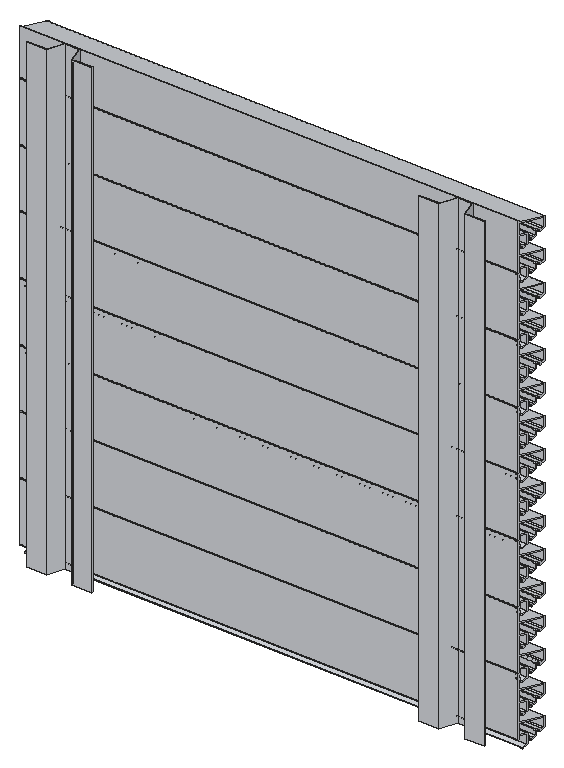
Revit family "NLRS_23_GM_WPB_HS50R gevelbekleding_jazo_jazo", category Generic Models, Revit 2020
Family settings
  Can host rebar = No
  Round Connector Dimension = Use Diameter
  Part Type = Normal
  OmniClass Number = 23.30.60.11.17.11
  OmniClass Title = Fixed Exterior Louvers and Grilles
  Work Plane-Based = Yes
  Always vertical = No
  Cut with Voids When Loaded = No
  Shared = No
  Room Calculation Point = No
Parameters (values of type "TYPECATALOG")
  Width [instance] = 1000.0 mm
  URL = "www.jazo.com"
  NLRS_C_zichtbaar_06 [instance] = if(NLRS_C_zichtbaar_01, if(and(JAZO_C_calculatie_01 < 143.2 mm, not(JAZO_C_calculatie_01 < 83.6 mm)), 1 < 2, 2 < 1), 2 < 1)  # no
  NLRS_C_zichtbaar_04 [instance] = if(NLRS_C_zichtbaar_01, if(NLRS_C_diepte < (NLRS_C_diepte_02 + 42.0 mm), 1 < 2, 1 > 2), 2 < 1)  # yes
  NLRS_C_zichtbaar_03 [instance] = if(NLRS_C_zichtbaar_01, if(not(NLRS_C_diepte < (NLRS_C_diepte_02 + 42.0 mm)), 1 < 2, 1 > 2), 2 < 1)  # no
  NLRS_C_zichtbaar_02 [instance] = if(NLRS_C_breedte > 6000.0 mm, 1 < 2, 2 < 1)  # no
  NLRS_C_zichtbaar_01 [instance] = if(not(NLRS_C_breedte > 6000.0 mm), 1 < 2, 2 < 1)  # yes
  NLRS_C_stelruimte = 5.0 mm  # constant formula
  NLRS_C_leverancier_url = "www.jazo.com"  # constant formula
  NLRS_C_leverancier_telefoonnummer = "+31 316 - 59 29 11"  # constant formula
  NLRS_C_leverancier_postcode = "6905 DJ"  # constant formula
  NLRS_C_leverancier_plaats = "Zevenaar"  # constant formula
  NLRS_C_leverancier_email = "info@jazo.com"  # constant formula
  NLRS_C_leverancier_bedrijfsnaam = "JAZO Zevenaar bv"  # constant formula
  NLRS_C_leverancier_adres = "Handelsdwarsstraat 10"  # constant formula
  NLRS_C_lengte_01 [instance] = NLRS_C_aantal_01 * 119.0 mm  # 833.0 mm
  NLRS_C_hoogte_min = 360.0 mm  # constant formula
  NLRS_C_hoogte_02 [instance] = NLRS_C_hoogte - 6.8 mm - 88.9 mm - 24.4 mm  # 879.9 mm
  NLRS_C_hoogte_01 [instance] = NLRS_C_hoogte + (NLRS_C_stelruimte * 2)  # 1010.0 mm
  NLRS_C_hoogte [instance] = if(Height < NLRS_C_hoogte_min, NLRS_C_hoogte_min, Height)  # 1000.0 mm
  NLRS_C_diepte_min = if(JAZO_C_opbouwrooster HS50R, 16.0 mm + 66.5 mm, 0.0 mm)  # 82.5 mm
  NLRS_C_diepte_max = if(JAZO_C_opbouwrooster HS50R, 300.0 mm + 66.5 mm, 0.0 mm)  # 366.5 mm
  NLRS_C_diepte_02 = if(JAZO_C_opbouwrooster HS50R, 66.5 mm, 0.0 mm)  # 66.5 mm
  NLRS_C_diepte_01 [instance] = if(NLRS_C_diepte < NLRS_C_diepte_min, NLRS_C_diepte_min, if(NLRS_C_diepte > NLRS_C_diepte_max, NLRS_C_diepte_max, NLRS_C_diepte))  # 100.0 mm
  NLRS_C_diepte [instance] = Diepte  # 100.0 mm
  NLRS_C_content_versie = "2.3"  # constant formula
  NLRS_C_content_revit versie = "REVIT 2020.2"  # constant formula
  NLRS_C_content_provider = "JAZO Zevenaar bv"  # constant formula
  NLRS_C_content_datum uitgifte = "17-8-2022"  # constant formula
  NLRS_C_content_datum gewijzigd = "9-11-2022"  # constant formula
  NLRS_C_content_creator = "JAZO Zevenaar bv"  # constant formula
  NLRS_C_breedte_min [instance] = 350.0 mm  # constant formula
  NLRS_C_breedte_03 [instance] = if(NLRS_C_breedte > 6001.0 mm, NLRS_C_breedte, 6001.0 mm)  # 6001.0 mm
  NLRS_C_breedte_02 [instance] = if(NLRS_C_breedte < 6000.0 mm, if(NLRS_C_breedte < NLRS_C_breedte_min, NLRS_C_breedte_min, NLRS_C_breedte), 6000.0 mm)  # 1000.0 mm
  NLRS_C_breedte_01 [instance] = NLRS_C_breedte + (NLRS_C_stelruimte * 2)  # 1010.0 mm
  NLRS_C_breedte [instance] = Width  # 1000.0 mm
  NLRS_C_aantal_03 [instance] = rounddown(NLRS_C_breedte_03 / 6000.0 mm) + 1  # 2
  NLRS_C_aantal_02 [instance] = roundup(NLRS_C_breedte / 1000.0 mm) + 1  # 2
  NLRS_C_aantal_01 [instance] = rounddown(NLRS_C_hoogte_02 / 119.0 mm)  # 7
  NLRS_C_aantal [instance] = rounddown(NLRS_C_breedte_03 / 6000.0 mm)  # 1
  Model = "HS50R gevelbekleding"  # constant formula
  Manufacturer = "JAZO Zevenaar bv"  # constant formula
  MIN HEIGHT [instance] = 360.0 mm  # constant formula
  MIN DIEPTE [instance] = NLRS_C_diepte_min  # 82.5 mm
  MIN WIDTH [instance] = NLRS_C_breedte_min  # 350.0 mm
  MAX DIEPTE [instance] = NLRS_C_diepte_max  # 366.5 mm
  JAZO_C_opbouwrooster HS50R = 1 < 2  # yes
  JAZO_C_materiaal schoep = none
  JAZO_C_materiaal bevestiging gevelbekleding = none
  JAZO_C_calculatie_02 [instance] = (NLRS_C_breedte_03 / (1 + NLRS_C_aantal)) - 1.0 mm  # 2999.5 mm
  JAZO_C_calculatie_01 [instance] = NLRS_C_hoogte - NLRS_C_lengte_01 - 88.9 mm - 6.8 mm  # 71.3 mm
  Height [instance] = 1000.0 mm
  Diepte [instance] = 100.0 mm
  Description = "HS50R gevelbekleding"  # constant formula
  Default Elevation = 0.0 mm
  Assembly Code = "23.30.60.11.17.11"
Reference planes
  plane 1 "Center (Front/Back)": y = 0
  plane 2 "stelruimte o": z = 0
  plane 3 "Center (Left/Right)": x = 0
  plane 4 "Left": x = -500
  plane 5 "Right": x = 500
  plane 6 "stelruimte l": x = -505
  plane 7 "stelruimte r": x = 505
  plane 8: y = 100
  plane 9 "stelruimte b": z = 1010
  plane 10 "Center (Elevation)": z = 505
  plane 11 "Top": z = 1005
  plane 12 "Bottom": z = 5
  plane 13 "start schoep": z = 998.2
  plane 14 "sectie 1": z = 909.3
  plane 15 "sectie 2": z = 76.3
  plane 16 "left 1": x = -500
  plane 17 "right 1": x = 500
  plane 18 "left 2": x = -3000.5
  plane 19 "right 2": x = 3000.5
Dimensions and locks
  equal spacing: plane 4 "Left", plane 3 "Center (Left/Right)", plane 5 "Right"
  "NLRS_C_breedte": plane 4 "Left" to plane 5 "Right"
  equal spacing: plane 6 "stelruimte l", plane 3 "Center (Left/Right)", plane 7 "stelruimte r"
  "NLRS_C_breedte_01": plane 6 "stelruimte l" to plane 7 "stelruimte r"
  "NLRS_C_diepte_01": plane 1 "Center (Front/Back)" to plane 8
  equal spacing: plane 9 "stelruimte b", plane 10 "Center (Elevation)", plane 2 "stelruimte o"
  "NLRS_C_hoogte": plane 11 "Top" to plane 12 "Bottom"
  equal spacing: plane 11 "Top", plane 10 "Center (Elevation)", plane 12 "Bottom"
  "NLRS_C_hoogte_01": plane 9 "stelruimte b" to plane 2 "stelruimte o"
  locked: plane 11 "Top" to plane 13 "start schoep" at 6.8
  locked: plane 13 "start schoep" to plane 14 "sectie 1" at 88.9
  group 1 to group 2 = 782.0 mm
  group 1 to group 2 = 0.0 mm  (x2)
  group 3 to group 4 = 782.0 mm
  group 3 to group 4 = 0.0 mm  (x2)
  "NLRS_C_breedte_02": plane 16 "left 1" to plane 17 "right 1"
  equal spacing: plane 16 "left 1", plane 3 "Center (Left/Right)", plane 17 "right 1"
  locked: plane 16 "left 1" to nested 1 at 109
  locked: plane 16 "left 1" to nested 3 at 109
  locked: nested 2 to plane 17 "right 1" at 109
  locked: nested 4 to plane 17 "right 1" at 109
  equal spacing: plane 18 "left 2", plane 3 "Center (Left/Right)", plane 19 "right 2"
  "NLRS_C_breedte_03": plane 18 "left 2" to plane 19 "right 2"
  "NLRS_C_lengte_01": plane 14 "sectie 1" to plane 15 "sectie 2"
  equal spacing: group 5, group 6, group 9, group 10, group 11, group 12, group 13  (x2)
  equal spacing: group 13, group 12, group 11, group 10, group 9, group 6, group 5
  locked: plane 14 "sectie 1" to nested 7 at 119
  group 7 to group 8 = 3001.5 mm
  group 7 to group 8 = 0.0 mm  (x2)
  aligned and locked: level to plane 2 "stelruimte o"
  aligned and locked: nested 1 to plane 1 "Center (Front/Back)"
  aligned and locked: plane 11 "Top" to nested 1
  aligned and locked: nested 2 to plane 1 "Center (Front/Back)"
  aligned and locked: plane 11 "Top" to nested 2
  aligned and locked: plane 1 "Center (Front/Back)" to nested 3
  aligned and locked: plane 1 "Center (Front/Back)" to nested 4
  aligned and locked: nested 3 to plane 11 "Top"
  aligned and locked: nested 4 to plane 11 "Top"
  aligned and locked: nested 5 to plane 8
  aligned and locked: plane 13 "start schoep" to nested 5
  aligned and locked: plane 3 "Center (Left/Right)" to nested 6
  aligned and locked: nested 6 to plane 8
  aligned and locked: plane 14 "sectie 1" to nested 6
  aligned and locked: nested 7 to plane 8
  aligned and locked: plane 3 "Center (Left/Right)" to nested 8
  aligned and locked: nested 8 to plane 8
  aligned and locked: plane 15 "sectie 2" to nested 8
  aligned and locked: plane 18 "left 2" to nested 9
  aligned and locked: nested 10 to plane 19 "right 2"
  aligned and locked: nested 9 to plane 1 "Center (Front/Back)"
  aligned and locked: plane 1 "Center (Front/Back)" to nested 10
  aligned and locked: nested 11 to plane 8
Nested families
  nested 1: "NLRS_31_GM_UN_bracket los-AV" at (-391, 101, 5) x (-1, 0, 0) z (0, 0, 1), NLRS_C_zichtbaar_01 <- "NLRS_C_zichtbaar_03", type "bracket los"
    with NLRS_C_zichtbaar_01 no, NLRS_C_hoogte 1000.0 mm, NLRS_C_diepte_01 101.0 mm, NLRS_C_diepte 100.0 mm, NLRS_C_aantal 2
  nested 2: "NLRS_31_GM_UN_bracket los-AV" at (391, 101, 5) x (-1, 0, 0) z (0, 0, 1), NLRS_C_zichtbaar_01 <- "NLRS_C_zichtbaar_03", type "bracket los"
    with NLRS_C_zichtbaar_01 no, NLRS_C_hoogte 1000.0 mm, NLRS_C_diepte_01 101.0 mm, NLRS_C_diepte 100.0 mm, NLRS_C_aantal 2
  nested 3: "NLRS_31_GM_UN_omega los-AV" at (-391, 100, 5), NLRS_C_zichtbaar_01 <- "NLRS_C_zichtbaar_04", type "omega los"
    with NLRS_C_zichtbaar_01 yes, NLRS_C_hoogte 1000.0 mm, NLRS_C_diepte_max 100.0 mm, NLRS_C_diepte_01 66.5 mm, NLRS_C_diepte 100.0 mm, JAZO_C_opbouwrooster HS50R yes, JAZO_C_opbouwrooster HS27R no
  nested 4: "NLRS_31_GM_UN_omega los-AV" at (391, 100, 5), NLRS_C_zichtbaar_01 <- "NLRS_C_zichtbaar_04", type "omega los"
    with NLRS_C_zichtbaar_01 yes, NLRS_C_hoogte 1000.0 mm, NLRS_C_diepte_max 100.0 mm, NLRS_C_diepte_01 66.5 mm, NLRS_C_diepte 100.0 mm, JAZO_C_opbouwrooster HS50R yes, JAZO_C_opbouwrooster HS27R no
  nested 5: "NLRS_31_GM_UN_HS50R skin start schoep-AV" at (0, 66.75, 885.143), type "HS50R skin start schoep"
    with NLRS_C_breedte 1000.0 mm
  nested 6: "NLRS_31_GM_UN_HS50R skin stack schoep-AV" at (0, 66.75, 766.122), type "HS50R skin stack schoep"
  nested 7: "NLRS_31_GM_UN_HS50R skin stack schoep-AV" at (0, 66.75, 647.122), type "HS50R skin stack schoep"
  nested 8: "NLRS_31_GM_UN_HS50R skin schoep enkel-AV" at (0, 66.75, -7.37), type "HS50R skin schoep"
    with NLRS_C_zichtbaar_01 no
  nested 9: "NLRS_23_GM_WPB_jazo skin HS50R los_jazo_jazo" at (-1500.75, 0, 0), NLRS_C_breedte <- "JAZO_C_calculatie_02", NLRS_C_hoogte <- "NLRS_C_hoogte", NLRS_C_diepte <- "NLRS_C_diepte", NLRS_C_zichtbaar_02 <- "NLRS_C_zichtbaar_02", type "HS50R jazo skin los"
    with NLRS_C_zichtbaar_06 no, NLRS_C_zichtbaar_04 yes, NLRS_C_zichtbaar_03 no, NLRS_C_zichtbaar_02 no, NLRS_C_zichtbaar_01 yes, NLRS_C_lengte_01 833.0 mm, NLRS_C_hoogte_02 880.1 mm, NLRS_C_hoogte_01 1010.0 mm, NLRS_C_hoogte 1000.0 mm, NLRS_C_diepte_01 100.0 mm, NLRS_C_diepte 100.0 mm, NLRS_C_breedte_01 3009.5 mm, NLRS_C_breedte 2999.5 mm, NLRS_C_aantal_02 4, NLRS_C_aantal_01 7, JAZO_C_calculatie_01 71.3 mm
  nested 10: "NLRS_23_GM_WPB_jazo skin HS50R los_jazo_jazo" at (1500.75, 0, 0), NLRS_C_breedte <- "JAZO_C_calculatie_02", NLRS_C_hoogte <- "NLRS_C_hoogte", NLRS_C_diepte <- "NLRS_C_diepte", NLRS_C_zichtbaar_02 <- "NLRS_C_zichtbaar_02", type "HS50R jazo skin los"
    with NLRS_C_zichtbaar_06 no, NLRS_C_zichtbaar_04 yes, NLRS_C_zichtbaar_03 no, NLRS_C_zichtbaar_02 no, NLRS_C_zichtbaar_01 yes, NLRS_C_lengte_01 833.0 mm, NLRS_C_hoogte_02 880.1 mm, NLRS_C_hoogte_01 1010.0 mm, NLRS_C_hoogte 1000.0 mm, NLRS_C_diepte_01 100.0 mm, NLRS_C_diepte 100.0 mm, NLRS_C_breedte_01 3009.5 mm, NLRS_C_breedte 2999.5 mm, NLRS_C_aantal_02 4, NLRS_C_aantal_01 7, JAZO_C_calculatie_01 71.3 mm
  nested 11: "NLRS_31_GA_UN_error message skin" at (0, 100, 0), type "error message"
    with NLRS_C_zichtbaar_10 no, NLRS_C_zichtbaar_03 no, NLRS_C_hoogte 1000.0 mm
  nested 12: "NLRS_31_GM_UN_HS50R skin stack schoep-AV" at (0, 66.75, 528.122), type "HS50R skin stack schoep"
  nested 13: "NLRS_31_GM_UN_HS50R skin stack schoep-AV" at (0, 66.75, 409.122), type "HS50R skin stack schoep"
  nested 14: "NLRS_31_GM_UN_HS50R skin stack schoep-AV" at (0, 66.75, 290.122), type "HS50R skin stack schoep"
  nested 15: "NLRS_31_GM_UN_HS50R skin stack schoep-AV" at (0, 66.75, 171.122), type "HS50R skin stack schoep"
  nested 16: "NLRS_31_GM_UN_HS50R skin stack schoep-AV" at (0, 66.75, 52.122), type "HS50R skin stack schoep"
Definition of nested family "NLRS_31_GM_UN_omega los-AV"
  Parameters (values of type "omega los")
    URL = "www.jazo.com"
    NLRS_C_zichtbaar_01 [instance] = yes
    NLRS_C_stelruimte_02 = 57.0 mm  # constant formula
    NLRS_C_stelruimte_01 = 6.8 mm  # constant formula
    NLRS_C_materiaal = none
    NLRS_C_hoogte = 757.1 mm
    NLRS_C_diepte_max = if(NLRS_C_diepte < (NLRS_C_diepte_01 + 16.0 mm), (NLRS_C_diepte_01 + 16.0 mm), if(NLRS_C_diepte > (NLRS_C_diepte_01 + 42.0 mm), (NLRS_C_diepte_01 + 42.0 mm), NLRS_C_diepte))  # 67.0 mm
    NLRS_C_diepte_01 = if(JAZO_C_opbouwrooster HS27R, 25.0 mm, if(JAZO_C_opbouwrooster HS42R, 45.0 mm, if(JAZO_C_opbouwrooster HS50R, 66.5 mm, 0.0 mm)))  # 25.0 mm
    NLRS_C_diepte = 80.0 mm
    NLRS_C_breedte = 130.0 mm  # constant formula
    Model = ""
    Manufacturer = "JAZO Zevenaar bv"
    JAZO_C_opbouwrooster HS50R = no
    JAZO_C_opbouwrooster HS42R = no
    JAZO_C_opbouwrooster HS27R = yes
    Description = "omega los"
    Default Elevation = 0.0 mm
    Assembly Code = "23.30.60.11.17.11"
  Reference planes
    plane 1 "Center (Front/Back)": y = 0
    plane 2 "Bottom": z = 0
    plane 3 "Center (Left/Right)": x = 0
    plane 4 "Top": z = 757.1
    plane 5 "wand": y = 67
    plane 6 "onderkant bracket": z = 57
    plane 7 "bovenkant bracket": z = 750.3
    plane 8 "bovenkant schoepen": y = 25
    plane 9 "Left": x = -65
    plane 10 "Right": x = 65
  Forms (mm)
    Extrusion 1, solid, material <- "NLRS_C_materiaal", visible <- "NLRS_C_zichtbaar_01"
      sketch origin (0, 0, 0) x (1, 0, 0) y (0, 1, 0)
        loop
          line (-25.119, 67) -> (-65, 67) -> (-65, 64.993) -> (-25.941, 64.993) -> (-14.948, 25) -> (14.948, 25) -> (25.941, 64.993) -> (65, 64.993) -> (65, 67) -> (25.119, 67) -> (14.167, 27.048) -> (-14.167, 27.048) -> (-25.119, 67)
      from 57 to 750.3
  Dimensions and locks
    "NLRS_C_diepte_max": plane 1 "Center (Front/Back)" to plane 5 "wand"
    "NLRS_C_hoogte": plane 4 "Top" to plane 2 "Bottom"
    "NLRS_C_stelruimte_02": plane 6 "onderkant bracket" to plane 2 "Bottom"
    "NLRS_C_stelruimte_01": plane 4 "Top" to plane 7 "bovenkant bracket"
    "NLRS_C_diepte_01": plane 1 "Center (Front/Back)" to plane 8 "bovenkant schoepen"
    equal spacing: plane 9 "Left", plane 3 "Center (Left/Right)", plane 10 "Right"
    "NLRS_C_breedte": plane 9 "Left" to plane 10 "Right"
    aligned and locked: level to plane 2 "Bottom"
    aligned and locked: Extrusion 1 to plane 5 "wand"  (x3)
    aligned and locked: Extrusion 1 to plane 8 "bovenkant schoepen"
    aligned and locked: plane 7 "bovenkant bracket" to Extrusion 1
    aligned and locked: Extrusion 1 to plane 6 "onderkant bracket"
    aligned and locked: plane 9 "Left" to Extrusion 1
    aligned and locked: plane 10 "Right" to Extrusion 1
  Automatic sketch dimensions
    Extrusion 1 sketch curve to plane 3 "Center (Left/Right)" = 65.0 mm
    Extrusion 1 sketch curve to plane 3 "Center (Left/Right)" = 25.119 mm
    Extrusion 1 sketch curve to Extrusion 1 sketch curve = 2.007 mm  (x2)
    Extrusion 1 sketch curve to Extrusion 1 sketch curve = 0.821 mm  (x2)
    plane 8 "bovenkant schoepen" to Extrusion 1 sketch curve = 2.048 mm
    Extrusion 1 sketch curve to plane 3 "Center (Left/Right)" = 14.167 mm
    Extrusion 1 sketch curve to plane 8 "bovenkant schoepen" = 0.0 mm
    Extrusion 1 sketch curve to Extrusion 1 sketch curve = 0.781 mm  (x2)
    plane 3 "Center (Left/Right)" to Extrusion 1 sketch curve = 14.167 mm
    plane 3 "Center (Left/Right)" to Extrusion 1 sketch curve = 25.941 mm
    Extrusion 1 sketch curve to Extrusion 1 sketch curve = 39.059 mm
    Extrusion 1 sketch curve to Extrusion 1 sketch curve = 37.945 mm
    plane 8 "bovenkant schoepen" to Extrusion 1 sketch curve = 39.993 mm
Definition of nested family "NLRS_31_GM_UN_HS50R skin start schoep-AV"
  Parameters (values of type "HS50R skin start schoep")
    URL = "www.jazo.com"
    NLRS_C_zichtbaar_01 = yes
    NLRS_C_stelruimte_01 = 4.0 mm  # constant formula
    NLRS_C_materiaal = none
    NLRS_C_breedte = 1500.0 mm
    Model = ""
    Manufacturer = "JAZO Zevenaar bv"
    Description = "HS50R skin start schoep"
    Default Elevation = 0.0 mm
    Assembly Code = "23.30.60.11.17.11"
  Reference planes
    plane 1 "Center (Front/Back)": y = 0
    plane 2 "Bottom": z = 0
    plane 3 "Center (Left/Right)": x = 0
    plane 4 "Left": x = -750
    plane 5 "Right": x = 750
    plane 6 "schoep l": x = -746
    plane 7 "schoep r": x = 746
    plane 8 "Top": z = 113.057
    plane 9 "achterkant schoep": y = -33.25
    plane 10 "scharnier f": y = 33.25
  Forms (mm)
    Extrusion 1, solid, material <- "NLRS_C_materiaal", visible <- "NLRS_C_zichtbaar_01"
      sketch origin (0, -101.5, 0) x (0, -1, 0) y (0, 0, -1)
        loop
          line (-68.25, -113.057) -> (-68.25, -20.67)
          arc (-68.25, -20.67) -> (-68.396, -20.316) -> (-68.75, -20.17) r 0.5
          line (-68.75, -20.17) -> (-70.85, -20.17) -> (-70.85, -21.77) -> (-70.05, -21.77) -> (-70.05, -26.138)
          arc (-70.05, -26.138) -> (-70.246, -26.535) -> (-70.679, -26.621) r 0.5
          line (-70.679, -26.621) -> (-90.25, -21.377) -> (-90.25, -3.987) -> (-80.873, -1.474)
          arc (-80.873, -1.474) -> (-80.343, -0.556) -> (-81.261, -0.026) r 0.75
          line (-81.261, -0.026) -> (-91.009, -2.637)
          arc (-91.009, -2.637) -> (-91.543, -2.995) -> (-91.75, -3.603) r 1
          line (-91.75, -3.603) -> (-91.75, -12.234)
          arc (-91.75, -12.234) -> (-91.946, -12.63) -> (-92.379, -12.717) r 0.5
          line (-92.379, -12.717) -> (-101.65, -10.233) -> (-101.65, -7.107) -> (-101.897, -6.289)
          arc (-101.897, -6.289) -> (-102.378, -5.887) -> (-103.004, -5.852) r 1
          line (-103.004, -5.852) -> (-112.509, -8.398)
          arc (-112.509, -8.398) -> (-113.043, -8.756) -> (-113.25, -9.364) r 1
          line (-113.25, -9.364) -> (-113.25, -17.996)
          arc (-113.25, -17.996) -> (-113.446, -18.392) -> (-113.879, -18.478) r 0.5
          line (-113.879, -18.478) -> (-123.15, -15.994) -> (-123.15, -12.868) -> (-123.397, -12.05)
          arc (-123.397, -12.05) -> (-123.878, -11.648) -> (-124.504, -11.612) r 1
          line (-124.504, -11.612) -> (-134.009, -14.159)
          arc (-134.009, -14.159) -> (-134.543, -14.516) -> (-134.75, -15.125) r 1
          line (-134.75, -15.125) -> (-134.75, -33.591)
          arc (-134.75, -33.591) -> (-134.543, -34.199) -> (-134.009, -34.556) r 1
          line (-134.009, -34.556) -> (-70.05, -51.694) -> (-70.05, -66.026)
          arc (-70.05, -66.026) -> (-70.246, -66.423) -> (-70.679, -66.509) r 0.5
          line (-70.679, -66.509) -> (-80.15, -63.972) -> (-80.15, -60.847) -> (-80.397, -60.028)
          arc (-80.397, -60.028) -> (-80.878, -59.626) -> (-81.504, -59.591) r 1
          line (-81.504, -59.591) -> (-91.009, -62.137)
          arc (-91.009, -62.137) -> (-91.543, -62.495) -> (-91.75, -63.103) r 1
          line (-91.75, -63.103) -> (-91.75, -71.734)
          arc (-91.75, -71.734) -> (-91.946, -72.13) -> (-92.379, -72.217) r 0.5
          line (-92.379, -72.217) -> (-101.65, -69.733) -> (-101.65, -66.607) -> (-101.897, -65.789)
          arc (-101.897, -65.789) -> (-102.378, -65.387) -> (-103.004, -65.352) r 1
          line (-103.004, -65.352) -> (-112.509, -67.898)
          arc (-112.509, -67.898) -> (-113.043, -68.256) -> (-113.25, -68.864) r 1
          line (-113.25, -68.864) -> (-113.25, -77.496)
          arc (-113.25, -77.496) -> (-113.446, -77.892) -> (-113.879, -77.978) r 0.5
          line (-113.879, -77.978) -> (-123.15, -75.494) -> (-123.15, -72.368) -> (-123.397, -71.55)
          arc (-123.397, -71.55) -> (-123.878, -71.148) -> (-124.504, -71.112) r 1
          line (-124.504, -71.112) -> (-134.009, -73.659)
          arc (-134.009, -73.659) -> (-134.543, -74.016) -> (-134.75, -74.625) r 1
          line (-134.75, -74.625) -> (-134.75, -93.091)
          arc (-134.75, -93.091) -> (-134.543, -93.699) -> (-134.009, -94.056) r 1
          line (-134.009, -94.056) -> (-70.05, -111.194) -> (-70.05, -113.057) -> (-68.25, -113.057)
        loop
          line (-70.05, -28.343) -> (-91.009, -22.727)
          arc (-91.009, -22.727) -> (-91.543, -22.369) -> (-91.75, -21.761) r 1
          line (-91.75, -21.761) -> (-91.75, -14.438) -> (-102.409, -11.582)
          arc (-102.409, -11.582) -> (-102.943, -11.225) -> (-103.15, -10.616) r 1
          line (-103.15, -10.616) -> (-103.15, -8.095)
          arc (-103.15, -8.095) -> (-103.346, -7.699) -> (-103.779, -7.612) r 0.5
          line (-103.779, -7.612) -> (-111.75, -9.748) -> (-111.75, -19.299)
          arc (-111.75, -19.299) -> (-112.141, -20.092) -> (-113.009, -20.265) r 1
          line (-113.009, -20.265) -> (-123.909, -17.344)
          arc (-123.909, -17.344) -> (-124.443, -16.987) -> (-124.65, -16.378) r 1
          line (-124.65, -16.378) -> (-124.65, -13.204) -> (-133.25, -15.509) -> (-133.25, -33.207) -> (-70.679, -49.973)
          arc (-70.679, -49.973) -> (-70.246, -49.886) -> (-70.05, -49.49) r 0.5
          line (-70.05, -49.49) -> (-70.05, -28.343)
        loop
          line (-70.05, -86.29) -> (-70.05, -68.231) -> (-80.909, -65.321)
          arc (-80.909, -65.321) -> (-81.443, -64.964) -> (-81.65, -64.355) r 1
          line (-81.65, -64.355) -> (-81.65, -61.834)
          arc (-81.65, -61.834) -> (-81.846, -61.438) -> (-82.279, -61.351) r 0.5
          line (-82.279, -61.351) -> (-90.25, -63.487) -> (-90.25, -80.877) -> (-70.05, -86.29)
        loop
          line (-91.75, -81.261) -> (-91.75, -73.938) -> (-102.409, -71.082)
          arc (-102.409, -71.082) -> (-102.943, -70.725) -> (-103.15, -70.116) r 1
          line (-103.15, -70.116) -> (-103.15, -67.595)
          arc (-103.15, -67.595) -> (-103.346, -67.199) -> (-103.779, -67.112) r 0.5
          line (-103.779, -67.112) -> (-111.75, -69.248) -> (-111.75, -78.799)
          arc (-111.75, -78.799) -> (-112.141, -79.592) -> (-113.009, -79.765) r 1
          line (-113.009, -79.765) -> (-123.909, -76.844)
          arc (-123.909, -76.844) -> (-124.443, -76.487) -> (-124.65, -75.878) r 1
          line (-124.65, -75.878) -> (-124.65, -72.704) -> (-133.25, -75.009) -> (-133.25, -92.707) -> (-70.05, -109.641) -> (-70.05, -87.843) -> (-91.009, -82.227)
          arc (-91.009, -82.227) -> (-91.543, -81.869) -> (-91.75, -81.261) r 1
      from -746 to 746
  Dimensions and locks
    equal spacing: plane 4 "Left", plane 3 "Center (Left/Right)", plane 5 "Right"
    "NLRS_C_breedte": plane 4 "Left" to plane 5 "Right"
    "NLRS_C_stelruimte_01": plane 4 "Left" to plane 6 "schoep l"
    "NLRS_C_stelruimte_01": plane 7 "schoep r" to plane 5 "Right"
    aligned and locked: level to plane 2 "Bottom"
    aligned and locked: Extrusion 1 to plane 6 "schoep l"
    aligned and locked: Extrusion 1 to plane 7 "schoep r"
  Automatic sketch dimensions
    Extrusion 1 sketch curve to plane 8 "Top" = 0.0 mm
    plane 1 "Center (Front/Back)" to Extrusion 1 sketch curve = 33.25 mm  (x2)
    Extrusion 1 sketch curve to Extrusion 1 sketch curve = 0.741 mm  (x13)
    Extrusion 1 sketch curve to level = 14.159 mm
    Extrusion 1 sketch curve to Extrusion 1 sketch curve = 1.0 mm  (x3)
    Extrusion 1 sketch curve to Extrusion 1 sketch curve = 0.259 mm  (x14)
    Extrusion 1 sketch curve to Extrusion 1 sketch curve = 0.5 mm  (x16)
    Extrusion 1 sketch curve to Extrusion 1 sketch curve = 8.6 mm  (x2)
    Extrusion 1 sketch curve to Extrusion 1 sketch curve = 0.146 mm  (x2)
    Extrusion 1 sketch curve to Extrusion 1 sketch curve = 0.405 mm  (x2)
    Extrusion 1 sketch curve to Extrusion 1 sketch curve = 0.849 mm  (x3)
    Extrusion 1 sketch curve to level = 12.05 mm
    Extrusion 1 sketch curve to Extrusion 1 sketch curve = 9.271 mm  (x2)
    Extrusion 1 sketch curve to Extrusion 1 sketch curve = 0.129 mm  (x10)
    Extrusion 1 sketch curve to Extrusion 1 sketch curve = 0.871 mm  (x2)
    plane 1 "Center (Front/Back)" to Extrusion 1 sketch curve = 2.279 mm  (x2)
    plane 1 "Center (Front/Back)" to Extrusion 1 sketch curve = 1.65 mm
    plane 1 "Center (Front/Back)" to Extrusion 1 sketch curve = 1.504 mm  (x2)
    plane 1 "Center (Front/Back)" to Extrusion 1 sketch curve = 0.909 mm  (x2)
    plane 1 "Center (Front/Back)" to Extrusion 1 sketch curve = 0.65 mm  (x2)
    plane 1 "Center (Front/Back)" to Extrusion 1 sketch curve = 0.397 mm  (x2)
    plane 1 "Center (Front/Back)" to Extrusion 1 sketch curve = 0.15 mm  (x2)
    Extrusion 1 sketch curve to plane 1 "Center (Front/Back)" = 9.121 mm  (x2)
    Extrusion 1 sketch curve to Extrusion 1 sketch curve = 0.629 mm  (x5)
    Extrusion 1 sketch curve to level = 3.603 mm
    Extrusion 1 sketch curve to level = 2.637 mm
    Extrusion 1 sketch curve to Extrusion 1 sketch curve = 7.971 mm
    Extrusion 1 sketch curve to Extrusion 1 sketch curve = 0.775 mm
    Extrusion 1 sketch curve to level = 0.026 mm
    Extrusion 1 sketch curve to Extrusion 1 sketch curve = 8.989 mm
    Extrusion 1 sketch curve to Extrusion 1 sketch curve = 0.194 mm  (x2)
    Extrusion 1 sketch curve to level = 1.474 mm
    Extrusion 1 sketch curve to Extrusion 1 sketch curve = 19.4 mm
    Extrusion 1 sketch curve to Extrusion 1 sketch curve = 9.717 mm
    Extrusion 1 sketch curve to Extrusion 1 sketch curve = 9.471 mm
    Extrusion 1 sketch curve to Extrusion 1 sketch curve = 0.171 mm
    Extrusion 1 sketch curve to Extrusion 1 sketch curve = 0.8 mm
    Extrusion 1 sketch curve to plane 1 "Center (Front/Back)" = 31.45 mm
    Extrusion 1 sketch curve to Extrusion 1 sketch curve = 0.0 mm
    Extrusion 1 sketch curve to Extrusion 1 sketch curve = 1.3 mm
    Extrusion 1 sketch curve to Extrusion 1 sketch curve = 0.384 mm  (x15)
    Extrusion 1 sketch curve to level = 5.852 mm
    Extrusion 1 sketch curve to Extrusion 1 sketch curve = 0.437 mm  (x5)
    Extrusion 1 sketch curve to Extrusion 1 sketch curve = 0.819 mm  (x5)
    Extrusion 1 sketch curve to Extrusion 1 sketch curve = 0.795 mm  (x3)
    Extrusion 1 sketch curve to level = 8.398 mm
    Extrusion 1 sketch curve to Extrusion 1 sketch curve = 2.138 mm  (x3)
    Extrusion 1 sketch curve to Extrusion 1 sketch curve = 8.247 mm  (x2)
    Extrusion 1 sketch curve to Extrusion 1 sketch curve = 0.626 mm  (x2)
    Extrusion 1 sketch curve to Extrusion 1 sketch curve = 1.722 mm  (x5)
    Extrusion 1 sketch curve to Extrusion 1 sketch curve = 3.126 mm  (x2)
    Extrusion 1 sketch curve to Extrusion 1 sketch curve = 8.248 mm  (x2)
    Extrusion 1 sketch curve to Extrusion 1 sketch curve = 0.82 mm  (x2)
    Extrusion 1 sketch curve to level = 20.17 mm
    Extrusion 1 sketch curve to Extrusion 1 sketch curve = 6.939 mm  (x2)
    Extrusion 1 sketch curve to Extrusion 1 sketch curve = 1.6 mm
    Extrusion 1 sketch curve to Extrusion 1 sketch curve = 4.368 mm
    Extrusion 1 sketch curve to Extrusion 1 sketch curve = 17.698 mm  (x2)
    Extrusion 1 sketch curve to Extrusion 1 sketch curve = 21.147 mm
    Extrusion 1 sketch curve to Extrusion 1 sketch curve = 7.897 mm
    Extrusion 1 sketch curve to Extrusion 1 sketch curve = 0.786 mm  (x2)
    Extrusion 1 sketch curve to Extrusion 1 sketch curve = 2.248 mm  (x2)
    Extrusion 1 sketch curve to Extrusion 1 sketch curve = 2.055 mm
    Extrusion 1 sketch curve to Extrusion 1 sketch curve = 0.955 mm
    Extrusion 1 sketch curve to Extrusion 1 sketch curve = 18.059 mm
    Extrusion 1 sketch curve to Extrusion 1 sketch curve = 1.553 mm  (x2)
    plane 8 "Top" to Extrusion 1 sketch curve = 3.416 mm
Definition of nested family "NLRS_31_GM_UN_HS50R skin stack schoep-AV"
  Parameters (values of type "HS50R skin stack schoep")
    URL = "www.jazo.com"
    NLRS_C_zichtbaar_01 = yes
    NLRS_C_stelruimte_01 = 4.0 mm  # constant formula
    NLRS_C_materiaal = none
    NLRS_C_breedte = 1000.0 mm
    Model = ""
    Manufacturer = "JAZO Zevenaar bv"
    Description = "HS50R skin stack schoep"
    Default Elevation = 0.0 mm
    Assembly Code = "23.30.60.11.17.11"
  Reference planes
    plane 1 "Center (Front/Back)": y = 0
    plane 2 "Bottom": z = 0
    plane 3 "Center (Left/Right)": x = 0
    plane 4 "Left": x = -500
    plane 5 "Right": x = 500
    plane 6 "schoep l": x = -496
    plane 7 "schoep r": x = 496
    plane 8 "Top": z = 143.178
    plane 9 "achterkant schoep": y = -33.25
    plane 10 "voorkant schoep": y = 33.25
  Forms (mm)
    Extrusion 1, solid, material <- "NLRS_C_materiaal", visible <- "NLRS_C_zichtbaar_01"
      sketch origin (0, -134.75, 0) x (0, -1, 0) y (0, 0, -1)
        loop
          arc (-106.6, -142.278) -> (-105.7, -143.178) -> (-104.8, -142.278) r 0.9
          line (-104.8, -142.278) -> (-104.8, -138.678)
          arc (-104.8, -138.678) -> (-104.654, -138.325) -> (-104.3, -138.178) r 0.5
          line (-104.3, -138.178) -> (-102, -138.178)
          arc (-102, -138.178) -> (-101.646, -138.032) -> (-101.5, -137.678) r 0.5
          line (-101.5, -137.678) -> (-101.5, -20.67)
          arc (-101.5, -20.67) -> (-101.646, -20.316) -> (-102, -20.17) r 0.5
          line (-102, -20.17) -> (-104.1, -20.17) -> (-104.1, -21.77) -> (-103.3, -21.77) -> (-103.3, -26.138)
          arc (-103.3, -26.138) -> (-103.496, -26.535) -> (-103.929, -26.621) r 0.5
          line (-103.929, -26.621) -> (-123.5, -21.377) -> (-123.5, -3.987) -> (-114.123, -1.474)
          arc (-114.123, -1.474) -> (-113.593, -0.556) -> (-114.511, -0.026) r 0.75
          line (-114.511, -0.026) -> (-124.259, -2.637)
          arc (-124.259, -2.637) -> (-124.793, -2.995) -> (-125, -3.603) r 1
          line (-125, -3.603) -> (-125, -12.234)
          arc (-125, -12.234) -> (-125.196, -12.63) -> (-125.629, -12.717) r 0.5
          line (-125.629, -12.717) -> (-134.9, -10.233) -> (-134.9, -7.107) -> (-135.147, -6.289)
          arc (-135.147, -6.289) -> (-135.628, -5.887) -> (-136.254, -5.852) r 1
          line (-136.254, -5.852) -> (-145.759, -8.398)
          arc (-145.759, -8.398) -> (-146.293, -8.756) -> (-146.5, -9.364) r 1
          line (-146.5, -9.364) -> (-146.5, -17.996)
          arc (-146.5, -17.996) -> (-146.696, -18.392) -> (-147.129, -18.478) r 0.5
          line (-147.129, -18.478) -> (-156.4, -15.994) -> (-156.4, -12.868) -> (-156.647, -12.05)
          arc (-156.647, -12.05) -> (-157.128, -11.648) -> (-157.754, -11.612) r 1
          line (-157.754, -11.612) -> (-167.259, -14.159)
          arc (-167.259, -14.159) -> (-167.793, -14.516) -> (-168, -15.125) r 1
          line (-168, -15.125) -> (-168, -33.591)
          arc (-168, -33.591) -> (-167.793, -34.199) -> (-167.259, -34.556) r 1
          line (-167.259, -34.556) -> (-103.3, -51.694) -> (-103.3, -66.026)
          arc (-103.3, -66.026) -> (-103.496, -66.423) -> (-103.929, -66.509) r 0.5
          line (-103.929, -66.509) -> (-113.4, -63.972) -> (-113.4, -60.847) -> (-113.647, -60.028)
          arc (-113.647, -60.028) -> (-114.128, -59.626) -> (-114.754, -59.591) r 1
          line (-114.754, -59.591) -> (-124.259, -62.137)
          arc (-124.259, -62.137) -> (-124.793, -62.495) -> (-125, -63.103) r 1
          line (-125, -63.103) -> (-125, -71.734)
          arc (-125, -71.734) -> (-125.196, -72.13) -> (-125.629, -72.217) r 0.5
          line (-125.629, -72.217) -> (-134.9, -69.733) -> (-134.9, -66.607) -> (-135.147, -65.789)
          arc (-135.147, -65.789) -> (-135.628, -65.387) -> (-136.254, -65.352) r 1
          line (-136.254, -65.352) -> (-145.759, -67.898)
          arc (-145.759, -67.898) -> (-146.293, -68.256) -> (-146.5, -68.864) r 1
          line (-146.5, -68.864) -> (-146.5, -77.496)
          arc (-146.5, -77.496) -> (-146.696, -77.892) -> (-147.129, -77.978) r 0.5
          line (-147.129, -77.978) -> (-156.4, -75.494) -> (-156.4, -72.368) -> (-156.647, -71.55)
          arc (-156.647, -71.55) -> (-157.128, -71.148) -> (-157.754, -71.112) r 1
          line (-157.754, -71.112) -> (-167.259, -73.659)
          arc (-167.259, -73.659) -> (-167.793, -74.016) -> (-168, -74.625) r 1
          line (-168, -74.625) -> (-168, -93.091)
          arc (-168, -93.091) -> (-167.793, -93.699) -> (-167.259, -94.056) r 1
          line (-167.259, -94.056) -> (-103.3, -111.194) -> (-103.3, -125.685)
          arc (-103.3, -125.685) -> (-103.446, -126.038) -> (-103.8, -126.185) r 0.5
          line (-103.8, -126.185) -> (-106.1, -126.185)
          arc (-106.1, -126.185) -> (-106.454, -126.331) -> (-106.6, -126.685) r 0.5
          line (-106.6, -126.685) -> (-106.6, -128.685)
          arc (-106.6, -128.685) -> (-106.454, -129.038) -> (-106.1, -129.185) r 0.5
          line (-106.1, -129.185) -> (-103.8, -129.185)
          arc (-103.8, -129.185) -> (-103.446, -129.331) -> (-103.3, -129.685) r 0.5
          line (-103.3, -129.685) -> (-103.3, -134.685)
          arc (-103.3, -134.685) -> (-103.446, -135.038) -> (-103.8, -135.185) r 0.5
          line (-103.8, -135.185) -> (-106.1, -135.185)
          arc (-106.1, -135.185) -> (-106.454, -135.331) -> (-106.6, -135.685) r 0.5
          line (-106.6, -135.685) -> (-106.6, -142.278)
        loop
          line (-166.5, -92.707) -> (-103.3, -109.641) -> (-103.3, -87.843) -> (-124.259, -82.227)
          arc (-124.259, -82.227) -> (-124.793, -81.869) -> (-125, -81.261) r 1
          line (-125, -81.261) -> (-125, -73.938) -> (-135.659, -71.082)
          arc (-135.659, -71.082) -> (-136.193, -70.725) -> (-136.4, -70.116) r 1
          line (-136.4, -70.116) -> (-136.4, -67.595)
          arc (-136.4, -67.595) -> (-136.596, -67.199) -> (-137.029, -67.112) r 0.5
          line (-137.029, -67.112) -> (-145, -69.248) -> (-145, -78.799)
          arc (-145, -78.799) -> (-145.391, -79.592) -> (-146.259, -79.765) r 1
          line (-146.259, -79.765) -> (-157.159, -76.844)
          arc (-157.159, -76.844) -> (-157.693, -76.487) -> (-157.9, -75.878) r 1
          line (-157.9, -75.878) -> (-157.9, -72.704) -> (-166.5, -75.009) -> (-166.5, -92.707)
        loop
          line (-103.3, -86.29) -> (-103.3, -68.231) -> (-114.159, -65.321)
          arc (-114.159, -65.321) -> (-114.693, -64.964) -> (-114.9, -64.355) r 1
          line (-114.9, -64.355) -> (-114.9, -61.834)
          arc (-114.9, -61.834) -> (-115.096, -61.438) -> (-115.529, -61.351) r 0.5
          line (-115.529, -61.351) -> (-123.5, -63.487) -> (-123.5, -80.877) -> (-103.3, -86.29)
        loop
          line (-166.5, -33.207) -> (-103.929, -49.973)
          arc (-103.929, -49.973) -> (-103.496, -49.886) -> (-103.3, -49.49) r 0.5
          line (-103.3, -49.49) -> (-103.3, -28.343) -> (-124.259, -22.727)
          arc (-124.259, -22.727) -> (-124.793, -22.369) -> (-125, -21.761) r 1
          line (-125, -21.761) -> (-125, -14.438) -> (-135.659, -11.582)
          arc (-135.659, -11.582) -> (-136.193, -11.225) -> (-136.4, -10.616) r 1
          line (-136.4, -10.616) -> (-136.4, -8.095)
          arc (-136.4, -8.095) -> (-136.596, -7.699) -> (-137.029, -7.612) r 0.5
          line (-137.029, -7.612) -> (-145, -9.748) -> (-145, -19.299)
          arc (-145, -19.299) -> (-145.391, -20.092) -> (-146.259, -20.265) r 1
          line (-146.259, -20.265) -> (-157.159, -17.344)
          arc (-157.159, -17.344) -> (-157.693, -16.987) -> (-157.9, -16.378) r 1
          line (-157.9, -16.378) -> (-157.9, -13.204) -> (-166.5, -15.509) -> (-166.5, -33.207)
      from -496 to 496
  Dimensions and locks
    equal spacing: plane 4 "Left", plane 3 "Center (Left/Right)", plane 5 "Right"
    "NLRS_C_breedte": plane 4 "Left" to plane 5 "Right"
    "NLRS_C_stelruimte_01": plane 4 "Left" to plane 6 "schoep l"
    "NLRS_C_stelruimte_01": plane 7 "schoep r" to plane 5 "Right"
    aligned and locked: level to plane 2 "Bottom"
    aligned and locked: Extrusion 1 to plane 6 "schoep l"
    aligned and locked: Extrusion 1 to plane 7 "schoep r"
  Automatic sketch dimensions
    Extrusion 1 sketch curve to plane 10 "voorkant schoep" = 0.0 mm  (x2)
    Extrusion 1 sketch curve to plane 9 "achterkant schoep" = 0.0 mm
    Extrusion 1 sketch curve to plane 10 "voorkant schoep" = 0.741 mm  (x4)
    Extrusion 1 sketch curve to Extrusion 1 sketch curve = 0.259 mm  (x13)
    Extrusion 1 sketch curve to Extrusion 1 sketch curve = 1.0 mm  (x5)
    Extrusion 1 sketch curve to Extrusion 1 sketch curve = 0.5 mm  (x23)
    Extrusion 1 sketch curve to Extrusion 1 sketch curve = 8.6 mm  (x2)
    Extrusion 1 sketch curve to Extrusion 1 sketch curve = 0.146 mm  (x2)
    Extrusion 1 sketch curve to Extrusion 1 sketch curve = 0.405 mm  (x2)
    Extrusion 1 sketch curve to Extrusion 1 sketch curve = 0.741 mm  (x9)
    Extrusion 1 sketch curve to Extrusion 1 sketch curve = 0.849 mm  (x3)
    Extrusion 1 sketch curve to Extrusion 1 sketch curve = 9.271 mm  (x2)
    Extrusion 1 sketch curve to Extrusion 1 sketch curve = 0.129 mm  (x10)
    Extrusion 1 sketch curve to Extrusion 1 sketch curve = 0.871 mm  (x2)
    plane 1 "Center (Front/Back)" to Extrusion 1 sketch curve = 2.279 mm  (x2)
    plane 1 "Center (Front/Back)" to Extrusion 1 sketch curve = 1.65 mm
    plane 1 "Center (Front/Back)" to Extrusion 1 sketch curve = 1.504 mm  (x2)
    plane 1 "Center (Front/Back)" to Extrusion 1 sketch curve = 0.909 mm  (x2)
    plane 1 "Center (Front/Back)" to Extrusion 1 sketch curve = 0.65 mm  (x2)
    plane 1 "Center (Front/Back)" to Extrusion 1 sketch curve = 0.397 mm  (x2)
    plane 1 "Center (Front/Back)" to Extrusion 1 sketch curve = 0.15 mm  (x2)
    Extrusion 1 sketch curve to plane 1 "Center (Front/Back)" = 9.121 mm  (x2)
    Extrusion 1 sketch curve to Extrusion 1 sketch curve = 0.629 mm  (x2)
    Extrusion 1 sketch curve to level = 2.637 mm
    Extrusion 1 sketch curve to Extrusion 1 sketch curve = 7.971 mm
    Extrusion 1 sketch curve to Extrusion 1 sketch curve = 0.775 mm
    Extrusion 1 sketch curve to level = 0.026 mm
    Extrusion 1 sketch curve to Extrusion 1 sketch curve = 8.989 mm
    Extrusion 1 sketch curve to Extrusion 1 sketch curve = 0.194 mm  (x2)
    Extrusion 1 sketch curve to level = 1.474 mm
    Extrusion 1 sketch curve to plane 9 "achterkant schoep" = 5.1 mm  (x2)
    plane 8 "Top" to Extrusion 1 sketch curve = 0.9 mm
    Extrusion 1 sketch curve to Extrusion 1 sketch curve = 0.9 mm
    Extrusion 1 sketch curve to plane 9 "achterkant schoep" = 2.6 mm
    Extrusion 1 sketch curve to plane 9 "achterkant schoep" = 2.429 mm  (x3)
    Extrusion 1 sketch curve to Extrusion 1 sketch curve = 2.3 mm  (x2)
    Extrusion 1 sketch curve to plane 9 "achterkant schoep" = 2.3 mm
    Extrusion 1 sketch curve to plane 9 "achterkant schoep" = 1.8 mm  (x2)
    Extrusion 1 sketch curve to Extrusion 1 sketch curve = 0.0 mm  (x2)
    Extrusion 1 sketch curve to plane 9 "achterkant schoep" = 0.5 mm
    Extrusion 1 sketch curve to Extrusion 1 sketch curve = 0.384 mm  (x15)
    Extrusion 1 sketch curve to level = 5.852 mm
    Extrusion 1 sketch curve to Extrusion 1 sketch curve = 0.437 mm  (x5)
    Extrusion 1 sketch curve to Extrusion 1 sketch curve = 0.819 mm  (x5)
    Extrusion 1 sketch curve to Extrusion 1 sketch curve = 0.795 mm  (x3)
    Extrusion 1 sketch curve to level = 8.398 mm
    Extrusion 1 sketch curve to Extrusion 1 sketch curve = 2.138 mm  (x3)
    Extrusion 1 sketch curve to Extrusion 1 sketch curve = 2.248 mm  (x3)
    Extrusion 1 sketch curve to Extrusion 1 sketch curve = 8.247 mm  (x2)
    Extrusion 1 sketch curve to Extrusion 1 sketch curve = 0.626 mm  (x2)
    Extrusion 1 sketch curve to Extrusion 1 sketch curve = 0.955 mm  (x2)
    Extrusion 1 sketch curve to Extrusion 1 sketch curve = 1.722 mm  (x5)
    Extrusion 1 sketch curve to Extrusion 1 sketch curve = 3.126 mm  (x2)
    Extrusion 1 sketch curve to Extrusion 1 sketch curve = 8.248 mm  (x2)
    Extrusion 1 sketch curve to Extrusion 1 sketch curve = 0.82 mm  (x2)
    Extrusion 1 sketch curve to level = 20.17 mm
    Extrusion 1 sketch curve to Extrusion 1 sketch curve = 6.939 mm  (x2)
    Extrusion 1 sketch curve to Extrusion 1 sketch curve = 1.6 mm
    Extrusion 1 sketch curve to Extrusion 1 sketch curve = 4.368 mm
    Extrusion 1 sketch curve to Extrusion 1 sketch curve = 17.698 mm  (x2)
    Extrusion 1 sketch curve to Extrusion 1 sketch curve = 21.147 mm
    Extrusion 1 sketch curve to Extrusion 1 sketch curve = 7.897 mm
    Extrusion 1 sketch curve to Extrusion 1 sketch curve = 0.786 mm  (x2)
    Extrusion 1 sketch curve to Extrusion 1 sketch curve = 2.055 mm
    Extrusion 1 sketch curve to Extrusion 1 sketch curve = 18.059 mm
    Extrusion 1 sketch curve to Extrusion 1 sketch curve = 1.553 mm  (x2)
    Extrusion 1 sketch curve to Extrusion 1 sketch curve = 21.799 mm
    Extrusion 1 sketch curve to Extrusion 1 sketch curve = 14.49 mm
    Extrusion 1 sketch curve to Extrusion 1 sketch curve = 2.0 mm
    Extrusion 1 sketch curve to Extrusion 1 sketch curve = 5.0 mm
    Extrusion 1 sketch curve to Extrusion 1 sketch curve = 2.494 mm
Definition of nested family "NLRS_31_GM_UN_bracket los-AV"
  Parameters (values of type "bracket los")
    URL = "www.jazo.com"
    NLRS_C_zichtbaar_01 [instance] = yes
    NLRS_C_stelruimte_02 = 66.3 mm  # constant formula
    NLRS_C_stelruimte_01 = 6.8 mm  # constant formula
    NLRS_C_materiaal = none
    NLRS_C_lengte = 30.0 mm  # constant formula
    NLRS_C_hoogte = 2000.0 mm
    NLRS_C_diepte_min = 101.0 mm  # constant formula
    NLRS_C_diepte_max = 300.0 mm + NLRS_C_diepte_02  # 366.5 mm
    NLRS_C_diepte_02 = if(JAZO_C_opbouwrooster HS27R, 25.0 mm, if(JAZO_C_opbouwrooster HS42R, 45.0 mm, if(JAZO_C_opbouwrooster HS50R, 66.5 mm, 0.0 mm)))  # 66.5 mm
    NLRS_C_diepte_01 = if(NLRS_C_diepte < NLRS_C_diepte_min, NLRS_C_diepte_min, if(NLRS_C_diepte > NLRS_C_diepte_max, NLRS_C_diepte_max, NLRS_C_diepte))  # 150.0 mm
    NLRS_C_diepte = 150.0 mm
    NLRS_C_aantal = roundup(NLRS_C_hoogte / 1000.0 mm) + 1  # 3
    Model = ""
    Manufacturer = "JAZO Zevenaar bv"
    JAZO_C_opbouwrooster HS50R = yes
    JAZO_C_opbouwrooster HS42R = no
    JAZO_C_opbouwrooster HS27R = no
    Description = "bracket los"
    Default Elevation = 0.0 mm
    Assembly Code = "23.30.60.11.17.11"
  Reference planes
    plane 1 "Center (Front/Back)": y = 0
    plane 2 "Bottom": z = 0
    plane 3 "Center (Left/Right)": x = 0
    plane 4 "Top": z = 2000
    plane 5 "wand": y = 150
    plane 6 "bevestiging": y = 120
    plane 7 "onderkant bracket": z = 66.3
    plane 8 "bovenkant bracket": z = 1993.2
    plane 9 "bovenkant schoepen": y = 66.5
  Forms (mm)
    Extrusion 1, solid, material <- "NLRS_C_materiaal", visible <- "NLRS_C_zichtbaar_01"
      sketch origin (-17, 0, 0) x (-1, 0, 0) y (0, -1, 0)
        loop
          line (-36, -66.5) -> (-36, -70.5) -> (-2, -70.5) -> (-2, -143) -> (2, -143) -> (2, -66.5) -> (-36, -66.5)
      from 66.3 to 1993.2
  Dimensions and locks
    "NLRS_C_diepte_01": plane 1 "Center (Front/Back)" to plane 5 "wand"
    "NLRS_C_lengte": plane 5 "wand" to plane 6 "bevestiging"
    "NLRS_C_hoogte": plane 4 "Top" to plane 2 "Bottom"
    "NLRS_C_stelruimte_02": plane 7 "onderkant bracket" to plane 2 "Bottom"
    "NLRS_C_stelruimte_01": plane 4 "Top" to plane 8 "bovenkant bracket"
    "NLRS_C_diepte_02": plane 1 "Center (Front/Back)" to plane 9 "bovenkant schoepen"
    locked: plane 8 "bovenkant bracket" to nested 1 at 10
    equal spacing: group 1, group 3, group 2  (x2)
    equal spacing: group 2, group 3, group 1
    locked: nested 2 to plane 7 "onderkant bracket" at 10
    locked: plane 5 "wand" to Extrusion 1 at 7
    locked: plane 3 "Center (Left/Right)" to Extrusion 1 at 19
    locked: Extrusion 1 to plane 3 "Center (Left/Right)" at 19
    aligned and locked: level to plane 2 "Bottom"
    aligned and locked: plane 5 "wand" to nested 1
    aligned and locked: plane 8 "bovenkant bracket" to Extrusion 1
    aligned and locked: Extrusion 1 to plane 7 "onderkant bracket"
    aligned and locked: nested 2 to plane 6 "bevestiging"
    aligned and locked: Extrusion 1 to plane 9 "bovenkant schoepen"
  Automatic sketch dimensions
    Extrusion 1 sketch curve to plane 9 "bovenkant schoepen" = 0.0 mm
    Extrusion 1 sketch curve to plane 3 "Center (Left/Right)" = 19.0 mm
    plane 3 "Center (Left/Right)" to Extrusion 1 sketch curve = 15.0 mm
    plane 3 "Center (Left/Right)" to Extrusion 1 sketch curve = 19.0 mm
    Extrusion 1 sketch curve to plane 9 "bovenkant schoepen" = 4.0 mm
    Extrusion 1 sketch curve to plane 6 "bevestiging" = 23.0 mm
  Nested families
    nested 1: "NLRS_31_GM_UN_bracket bevestiging-AV" at (16.5, 120, 1930.2), visible <- "NLRS_C_zichtbaar_01", type "bracket bevestiging"
      with NLRS_C_diepte 30.0 mm, NLRS_C_afstand 21.0 mm
    nested 2: "NLRS_31_GM_UN_bracket bevestiging-AV" at (16.5, 120, 76.3), visible <- "NLRS_C_zichtbaar_01", type "bracket bevestiging"
      with NLRS_C_diepte 30.0 mm, NLRS_C_afstand 21.0 mm
    nested 3: "NLRS_31_GM_UN_bracket bevestiging-AV" at (16.5, 120, 1003.25), visible <- "NLRS_C_zichtbaar_01", type "bracket bevestiging"
      with NLRS_C_diepte 30.0 mm, NLRS_C_afstand 21.0 mm
  Definition of nested family "NLRS_31_GM_UN_bracket bevestiging-AV"
    Parameters (values of type "bracket bevestiging")
      URL = "www.jazo.com"
      NLRS_C_zichtbaar_01 = yes
      NLRS_C_materiaal = none
      NLRS_C_diepte = 200.0 mm
      NLRS_C_afstand = NLRS_C_diepte - 9.0 mm  # 191.0 mm
      Model = ""
      Manufacturer = "JAZO Zevenaar bv"
      Description = "bracket bevestiging"
      Default Elevation = 0.0 mm
      Assembly Code = "23.30.60.11.17.11"
    Reference planes
      plane 1 "Center (Front/Back)": y = 0
      plane 2 "Bottom": z = 0
      plane 3 "Center (Left/Right)": x = 0
      plane 4 "Top": z = 53
      plane 5 "wand": y = 200
    Forms (mm)
      Extrusion 1, solid, material <- "NLRS_C_materiaal", visible <- "NLRS_C_zichtbaar_01"
        sketch origin (0.5, 41.5, 0) x (1, 0, 0) y (0, 1, 0)
          loop
            line (-32, -41.5) -> (-28, -41.5) -> (-28, 149.5) -> (20, 149.5) -> (22, 151.5) -> (32, 151.5) -> (32, 153.5) -> (-32, 153.5) -> (-32, -41.5)
        from 0 to 53
      Extrusion 2, solid, material <- "NLRS_C_materiaal", visible <- "NLRS_C_zichtbaar_01"
        sketch origin (0.5, 41.5, 0) x (1, 0, 0) y (0, 1, 0)
          loop
            line (32, 153.5) -> (32, 158.5) -> (-33, 158.5) -> (-33, 153.5) -> (32, 153.5)
        from 0 to 53
      Extrusion 3, void
        sketch origin (-0.412, 0, -0.145) x (1, 0, 0) y (0, 0, 1)
          loop
            circle (-19.588, 26.645) r 2.5
        from -200 to -191
      Extrusion 4, void
        sketch origin (0, -2.095, -0.377) x (0, 1, 0) y (0, 0, 1)
          loop
            circle (13.595, 35.877) r 2.5
        from -31.5 to -27.5
      Extrusion 5, void
        sketch origin (0, -2.095, -18.377) x (0, 1, 0) y (0, 0, 1)
          loop
            circle (13.595, 35.877) r 2.5
        from -31.5 to -27.5
    Cuts and joins
      Extrusion 3, Extrusion 4, Extrusion 5 cuts Extrusion 1
      Extrusion 3 cuts Extrusion 2
    Dimensions and locks
      "NLRS_C_diepte": plane 1 "Center (Front/Back)" to plane 5 "wand"
      "NLRS_C_afstand": plane 1 "Center (Front/Back)" to Extrusion 1
      aligned and locked: level to plane 2 "Bottom"
      aligned and locked: Extrusion 3 to plane 5 "wand"
      aligned and locked: Extrusion 1 to Extrusion 3
      aligned and locked: Extrusion 1 to Extrusion 4  (x2)
      aligned and locked: Extrusion 1 to Extrusion 5  (x2)
    Automatic sketch dimensions
      plane 1 "Center (Front/Back)" to Extrusion 1 sketch curve = 0.0 mm
      Extrusion 1 sketch curve to plane 5 "wand" = 5.0 mm
      plane 3 "Center (Left/Right)" to Extrusion 1 sketch curve = 31.5 mm
      Extrusion 1 sketch curve to Extrusion 1 sketch curve = 4.0 mm
      Extrusion 1 sketch curve to plane 5 "wand" = 9.0 mm
      Extrusion 1 sketch curve to plane 3 "Center (Left/Right)" = 20.5 mm
      Extrusion 1 sketch curve to Extrusion 1 sketch curve = 2.0 mm  (x2)
      Extrusion 1 sketch curve to Extrusion 1 sketch curve = 10.0 mm
      plane 5 "wand" to Extrusion 2 sketch curve = 0.0 mm
      Extrusion 2 sketch curve to plane 5 "wand" = 5.0 mm
      plane 3 "Center (Left/Right)" to Extrusion 2 sketch curve = 32.5 mm
      Extrusion 2 sketch curve to plane 3 "Center (Left/Right)" = 32.5 mm
      Extrusion 3 sketch curve to plane 3 "Center (Left/Right)" = 20.0 mm
      Extrusion 3 sketch curve to plane 4 "Top" = 26.5 mm
      Extrusion 4 sketch curve to plane 1 "Center (Front/Back)" = 11.5 mm
      Extrusion 4 sketch curve to plane 4 "Top" = 17.5 mm
      Extrusion 5 sketch curve to plane 1 "Center (Front/Back)" = 11.5 mm
      level to Extrusion 5 sketch curve = 17.5 mm
      radius of Extrusion 3 sketch curve = 2.5 mm
      radius of Extrusion 4 sketch curve = 2.5 mm
      radius of Extrusion 5 sketch curve = 2.5 mm
Definition of nested family "NLRS_31_GM_UN_HS50R skin schoep enkel-AV"
  Parameters (values of type "HS50R skin schoep")
    URL = "www.jazo.com"
    NLRS_C_zichtbaar_01 = yes
    NLRS_C_stelruimte_01 = 4.0 mm  # constant formula
    NLRS_C_materiaal = none
    NLRS_C_breedte = 1000.0 mm
    Model = ""
    Manufacturer = "JAZO Zevenaar bv"
    Description = "HS50R skin schoep"
    Default Elevation = 0.0 mm
    Assembly Code = "23.30.60.11.17.11"
  Reference planes
    plane 1 "Center (Front/Back)": y = 0
    plane 2 "Bottom": z = 0
    plane 3 "Center (Left/Right)": x = 0
    plane 4 "Left": x = -500
    plane 5 "Right": x = 500
    plane 6 "schoep l": x = -496
    plane 7 "schoep r": x = 496
    plane 8 "Top": z = 83.67
    plane 9 "achterkant schoep": y = -33.25
    plane 10 "voorkant schoep": y = 33.25
  Forms (mm)
    Extrusion 1, solid, material <- "NLRS_C_materiaal", visible <- "NLRS_C_zichtbaar_01"
      sketch origin (0, -68.25, 0) x (0, -1, 0) y (0, 0, -1)
        loop
          line (-35, -78.17) -> (-35, -20.67)
          arc (-35, -20.67) -> (-35.146, -20.316) -> (-35.5, -20.17) r 0.5
          line (-35.5, -20.17) -> (-37.6, -20.17) -> (-37.6, -21.77) -> (-36.8, -21.77) -> (-36.8, -26.138)
          arc (-36.8, -26.138) -> (-36.996, -26.535) -> (-37.429, -26.621) r 0.5
          line (-37.429, -26.621) -> (-57, -21.377) -> (-57, -3.987) -> (-47.623, -1.474)
          arc (-47.623, -1.474) -> (-47.093, -0.556) -> (-48.011, -0.026) r 0.75
          line (-48.011, -0.026) -> (-57.759, -2.637)
          arc (-57.759, -2.637) -> (-58.293, -2.995) -> (-58.5, -3.603) r 1
          line (-58.5, -3.603) -> (-58.5, -12.234)
          arc (-58.5, -12.234) -> (-58.696, -12.63) -> (-59.129, -12.717) r 0.5
          line (-59.129, -12.717) -> (-68.4, -10.233) -> (-68.4, -7.107) -> (-68.647, -6.289)
          arc (-68.647, -6.289) -> (-69.128, -5.887) -> (-69.754, -5.852) r 1
          line (-69.754, -5.852) -> (-79.259, -8.398)
          arc (-79.259, -8.398) -> (-79.793, -8.756) -> (-80, -9.364) r 1
          line (-80, -9.364) -> (-80, -17.996)
          arc (-80, -17.996) -> (-80.196, -18.392) -> (-80.629, -18.478) r 0.5
          line (-80.629, -18.478) -> (-89.9, -15.994) -> (-89.9, -12.868) -> (-90.147, -12.05)
          arc (-90.147, -12.05) -> (-90.628, -11.648) -> (-91.254, -11.612) r 1
          line (-91.254, -11.612) -> (-100.759, -14.159)
          arc (-100.759, -14.159) -> (-101.293, -14.516) -> (-101.5, -15.125) r 1
          line (-101.5, -15.125) -> (-101.5, -33.591)
          arc (-101.5, -33.591) -> (-101.293, -34.199) -> (-100.759, -34.556) r 1
          line (-100.759, -34.556) -> (-36.8, -51.694) -> (-36.8, -76.37)
          arc (-36.8, -76.37) -> (-36.946, -76.723) -> (-37.3, -76.87) r 0.5
          line (-37.3, -76.87) -> (-39.6, -76.87)
          arc (-39.6, -76.87) -> (-39.954, -77.016) -> (-40.1, -77.37) r 0.5
          line (-40.1, -77.37) -> (-40.1, -82.77)
          arc (-40.1, -82.77) -> (-39.2, -83.67) -> (-38.3, -82.77) r 0.9
          line (-38.3, -82.77) -> (-38.3, -79.17)
          arc (-38.3, -79.17) -> (-38.154, -78.816) -> (-37.8, -78.67) r 0.5
          line (-37.8, -78.67) -> (-35.5, -78.67)
          arc (-35.5, -78.67) -> (-35.146, -78.523) -> (-35, -78.17) r 0.5
        loop
          line (-100, -33.207) -> (-37.429, -49.973)
          arc (-37.429, -49.973) -> (-36.996, -49.886) -> (-36.8, -49.49) r 0.5
          line (-36.8, -49.49) -> (-36.8, -28.343) -> (-57.759, -22.727)
          arc (-57.759, -22.727) -> (-58.293, -22.369) -> (-58.5, -21.761) r 1
          line (-58.5, -21.761) -> (-58.5, -14.438) -> (-69.159, -11.582)
          arc (-69.159, -11.582) -> (-69.693, -11.225) -> (-69.9, -10.616) r 1
          line (-69.9, -10.616) -> (-69.9, -8.095)
          arc (-69.9, -8.095) -> (-70.096, -7.699) -> (-70.529, -7.612) r 0.5
          line (-70.529, -7.612) -> (-78.5, -9.748) -> (-78.5, -19.299)
          arc (-78.5, -19.299) -> (-78.891, -20.092) -> (-79.759, -20.265) r 1
          line (-79.759, -20.265) -> (-90.659, -17.344)
          arc (-90.659, -17.344) -> (-91.193, -16.987) -> (-91.4, -16.378) r 1
          line (-91.4, -16.378) -> (-91.4, -13.204) -> (-100, -15.509) -> (-100, -33.207)
      from -496 to 496
  Dimensions and locks
    equal spacing: plane 4 "Left", plane 3 "Center (Left/Right)", plane 5 "Right"
    "NLRS_C_breedte": plane 4 "Left" to plane 5 "Right"
    "NLRS_C_stelruimte_01": plane 4 "Left" to plane 6 "schoep l"
    "NLRS_C_stelruimte_01": plane 7 "schoep r" to plane 5 "Right"
    aligned and locked: level to plane 2 "Bottom"
    aligned and locked: Extrusion 1 to plane 6 "schoep l"
    aligned and locked: Extrusion 1 to plane 7 "schoep r"
  Automatic sketch dimensions
    Extrusion 1 sketch curve to plane 10 "voorkant schoep" = 0.0 mm
    Extrusion 1 sketch curve to plane 9 "achterkant schoep" = 0.0 mm
    Extrusion 1 sketch curve to plane 10 "voorkant schoep" = 0.741 mm  (x2)
    Extrusion 1 sketch curve to Extrusion 1 sketch curve = 1.0 mm  (x5)
    Extrusion 1 sketch curve to Extrusion 1 sketch curve = 0.5 mm  (x10)
    Extrusion 1 sketch curve to Extrusion 1 sketch curve = 8.6 mm
    Extrusion 1 sketch curve to Extrusion 1 sketch curve = 0.146 mm
    Extrusion 1 sketch curve to Extrusion 1 sketch curve = 0.405 mm
    Extrusion 1 sketch curve to Extrusion 1 sketch curve = 0.741 mm  (x4)
    Extrusion 1 sketch curve to Extrusion 1 sketch curve = 0.259 mm  (x3)
    Extrusion 1 sketch curve to Extrusion 1 sketch curve = 0.849 mm
    Extrusion 1 sketch curve to Extrusion 1 sketch curve = 0.247 mm
    Extrusion 1 sketch curve to Extrusion 1 sketch curve = 9.271 mm
    Extrusion 1 sketch curve to Extrusion 1 sketch curve = 0.129 mm  (x5)
    Extrusion 1 sketch curve to Extrusion 1 sketch curve = 0.871 mm
    plane 1 "Center (Front/Back)" to Extrusion 1 sketch curve = 2.279 mm
    plane 1 "Center (Front/Back)" to Extrusion 1 sketch curve = 1.65 mm
    plane 1 "Center (Front/Back)" to Extrusion 1 sketch curve = 1.504 mm
    plane 1 "Center (Front/Back)" to Extrusion 1 sketch curve = 0.909 mm
    plane 1 "Center (Front/Back)" to Extrusion 1 sketch curve = 0.65 mm
    plane 1 "Center (Front/Back)" to Extrusion 1 sketch curve = 0.397 mm
    plane 1 "Center (Front/Back)" to Extrusion 1 sketch curve = 0.15 mm
    Extrusion 1 sketch curve to plane 1 "Center (Front/Back)" = 9.121 mm
    Extrusion 1 sketch curve to Extrusion 1 sketch curve = 0.629 mm
    Extrusion 1 sketch curve to level = 2.637 mm
    Extrusion 1 sketch curve to level = 0.026 mm
    Extrusion 1 sketch curve to Extrusion 1 sketch curve = 8.989 mm
    Extrusion 1 sketch curve to Extrusion 1 sketch curve = 0.194 mm  (x2)
    Extrusion 1 sketch curve to level = 1.474 mm
    Extrusion 1 sketch curve to plane 9 "achterkant schoep" = 5.1 mm
    Extrusion 1 sketch curve to Extrusion 1 sketch curve = 0.9 mm
    Extrusion 1 sketch curve to plane 9 "achterkant schoep" = 2.6 mm
    Extrusion 1 sketch curve to plane 9 "achterkant schoep" = 2.429 mm  (x2)
    Extrusion 1 sketch curve to plane 9 "achterkant schoep" = 1.8 mm  (x2)
    Extrusion 1 sketch curve to plane 9 "achterkant schoep" = 0.5 mm
